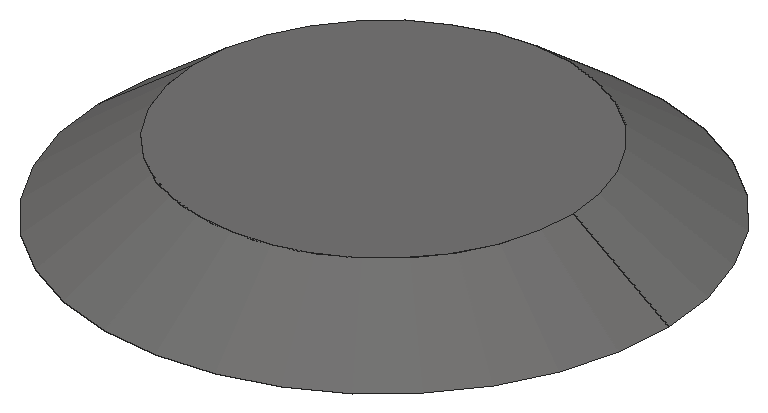
Revit family "Taktila - Objekt 1 - Knotter - (Ø30) - NCS8000 ", category Generic Models, Revit 2023
Family settings
  Can host rebar = No
  Round Connector Dimension = Use Diameter
  Part Type = Normal
  Work Plane-Based = No
  Always vertical = Yes
  Cut with Voids When Loaded = No
  Maintain Annotation Orientation = No
  Shared = No
  Room Calculation Point = No
Parameters
  Sklisikkerhet [instance] = "R10 (Ihht. DIN 51130-2104)"
  Mål [instance] = "Ø: 30mm / H: 3,6mm"
  Materiale [instance] = "Resirkulert nylon plast. PA 15%gf"
  Material [instance] = Taktila - Antrasitt Grå
  Innfesting [instance] = "3M™ VHB™ tape"
  Farge [instance] = "NCS 8000-N - Antrasitt Grå"
  EDP [instance] = "Miljødeklarasjon"
  Default Elevation = 0 mm
Reference planes
  plane 1 "Center (Front/Back)": y = 0
  plane 2: z = 0
  plane 3 "Center (Left/Right)": x = 0
Forms (mm)
  Blend 1, solid, material "Taktila - Antrasitt Grå" <- "Material"
    base sketch origin (0, 0, 0) x (1, 0, 0) y (0, 1, 0)
      loop
        circle (0, 0) r 15
    top sketch origin (0, 0, 0) x (1, 0, 0) y (0, 1, 0)
      loop
        circle (0, 0) r 10
    from 0 to 3.6
Dimensions and locks
  aligned and locked: level to plane 2
